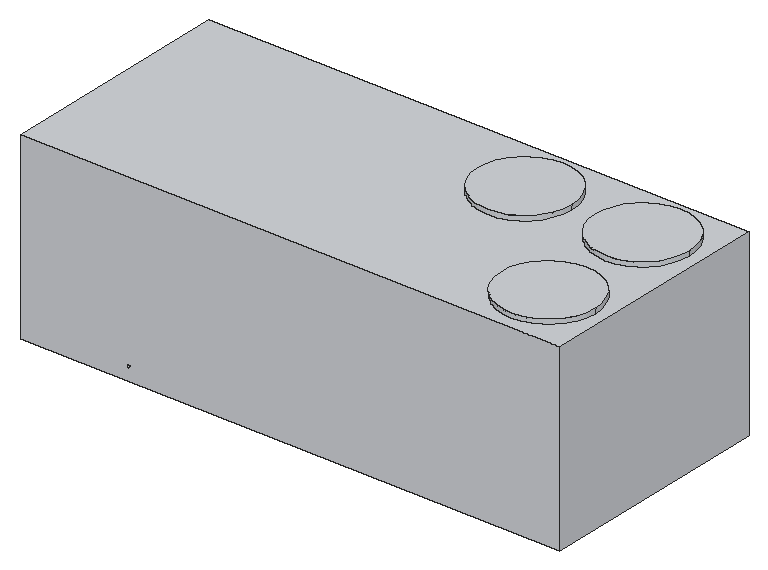
Revit family "M_Unidades AC da cobertura - Elétrico - 97-176 kW", category Equipamento mecânico, Revit 2019
Family settings
  Cota do conector redondo = Usar raio
  Tipo de parte = Normal
  Número OmniClass = 23.75.10.24.21.27.14
  Título OmniClass = Packaged Rooftop Air Conditioning Units
  ID de item do Seek = Rooftop AC Units - Electric - 97-176 kW-0000-CAN-ENU
  Com base no plano de trabalho = Não
  Sempre na vertical = Sim
  Corte com vazios quando carregada = Não
  Compartilhado = Não
  Ponto de cálculo do ambiente = Não
Parameters (values of type "97 kW")
  Voltagem = 480 V
  Visibilidade 2 = no
  Visibilidade 1 = yes
  Largura da unidade = 2301.9 mm
  Material da unidade = none
  Comprimento da unidade = 5284.8 mm
  Altura da unidade = 1789.1 mm
  Largura de saída do ar de fornecimento = 1350 mm
  Altura de saída do ar de fornecimento = 1800 mm
  Largura da saída do ar de retorno = 600 mm
  Altura da saída do ar de retorno = 1950 mm
  Número de pólos = 3
  Classificação de carga = Refrigeração
  Comprimento 2 = 0.5 * Largura da unidade  # 1150.95 mm
  Comprimento 1 = 0.25 * Largura da unidade  # 575.475 mm
  Entrada do aquecimento = 36047.7 W
  Raio do ventilador = Largura da unidade * 0.2  # 460.38 mm
  Raio da drenagem = Diâmetro da drenagem / 2  # 15 mm
  Fluxo da drenagem [instance] = 0.0 L/s
  Diâmetro da drenagem = 30 mm
  Distância = 1308.1 mm
  C3 Deslocamento 2 = 136.5 mm
  C3 Deslocamento 1 = 1066.8 mm
  Carga aparente = 20820.8 VA
  Queda de pressão do ar [instance] = 311.05 Pa
  Fluxo de ar [instance] = 5663.37 L/s
Types (6, lengths in mm): name | Visibilidade 2 | Visibilidade 1 | Comprimento da unidade | Altura da unidade | Entrada do aquecimento | Distância | C3 Deslocamento 2 | C3 Deslocamento 1 | Carga aparente | Queda de pressão do ar | Fluxo de ar
  (no name) | no | yes | 5284.8 | 1789.1 | 36047.7 W | 1308.1 | 136.5 | 1066.8 | 20820.8 VA | 311.05 Pa | 5663.37 L/s
  97 kW | no | yes | 5284.8 | 1789.1 | 36047.7 W | 1308.1 | 136.5 | 1066.8 | 20820.8 VA | 311.05 Pa | 5663.37 L/s
  105 kW | no | yes | 5284.8 | 1789.1 | 53925.1 W | 1308.1 | 136.5 | 1066.8 | 25334.4 VA | 373.26 Pa | 6135.32 L/s
  123 kW | no | yes | 5284.8 | 1789.1 | 72095.5 W | 1308.1 | 136.5 | 1066.8 | 31096 VA | 435.47 Pa | 6843.24 L/s
  141 kW | yes | no | 5902.3 | 1955.8 | 89972.8 W | 1360.5 | 134.9 | 1258.9 | 36337.6 VA | 497.68 Pa | 8023.11 L/s
  176 kW | yes | no | 5902.3 | 1955.8 | 108143.2 W | 1360.5 | 134.9 | 1258.9 | 42120 VA | 559.89 Pa | 9438.95 L/s
Reference planes
  plane 1 "Centro (Frente/Trás)": y = 0
  plane 2: z = 0
  plane 3 "Centro (Esquerda/Direita)": x = 0
  plane 4: y = 2301.9
  plane 5: x = 5284.8
  plane 6: z = 1789.1
  plane 7: y = 2122.512
  plane 8: y = 172.512
  plane 9: x = 180.975
  plane 10: x = 780.975
  plane 11: x = 2089.075
  plane 12: x = 3439.075
  plane 13: y = 322.512
  plane 14: z = 25.4
  plane 15: x = 4709.325
  plane 16: x = 3558.375
  plane 17: y = 1150.95
  plane 18: y = 1726.425
  plane 19: y = 575.475
  plane 20: z = 1833.55
  plane 21: z = 136.5
  plane 22: x = 1066.8
  plane 23: y = 12.7
  plane 24: y = 127
  plane 25: z = 254
  plane 26: x = 5259.4
Forms (mm)
  Extrusion 1, solid, material <- "Material da unidade"
    sketch origin (0, 0, 0) x (1, 0, 0) y (0, 1, 0)
      loop
        line (0, 2301.9) -> (0, 0) -> (5284.8, 0) -> (5284.8, 2301.9) -> (0, 2301.9)
    from 0 to 1789.1
  Extrusion 2, void
    sketch origin (0, 0, 0) x (1, 0, 0) y (0, 1, 0)
      loop
        line (2089.075, 2122.512) -> (2089.075, 322.512) -> (3439.075, 322.512) -> (3439.075, 2122.512) -> (2089.075, 2122.512)
    from 0 to 25.4
  Extrusion 3, void
    sketch origin (0, 0, 0) x (1, 0, 0) y (0, 1, 0)
      loop
        line (180.975, 2122.512) -> (180.975, 172.512) -> (780.975, 172.512) -> (780.975, 2122.512) -> (180.975, 2122.512)
    from 0 to 25.4
  Extrusion 4, solid, material <- "Material da unidade"
    sketch origin (0, 0, 0) x (1, 0, 0) y (0, 1, 0)
      loop
        circle (4709.325, 1726.425) r 460.38
    from 1789.1 to 1833.55
  Extrusion 5, solid, material <- "Material da unidade"
    sketch origin (0, 0, 0) x (1, 0, 0) y (0, 1, 0)
      loop
        circle (3558.375, 1726.425) r 460.38
    from 1789.1 to 1833.55
  Extrusion 6, solid, material <- "Material da unidade"
    sketch origin (0, 0, 0) x (1, 0, 0) y (0, 1, 0)
      loop
        circle (4709.325, 575.475) r 460.38
    from 1789.1 to 1833.55
  Extrusion 7, solid, material <- "Material da unidade", visible <- "Visibilidade 2"
    sketch origin (0, 0, 0) x (1, 0, 0) y (0, 1, 0)
      loop
        circle (3558.375, 575.475) r 460.38
    from 1789.1 to 1833.55
  Extrusion 8, void
    sketch origin (0, 0, 0) x (1, 0, 0) y (0, 0, 1)
      loop
        circle (1066.8, 136.5) r 15
    from -12.7 to 0
  Extrusion 9, solid, material <- "Material da unidade"
    sketch origin (0, 0, 0) x (0, 1, 0) y (0, 0, 1)
      loop
        circle (127, 254) r 25.4
    from 5284.8 to 5259.4
Cuts and joins
  Extrusion 2, Extrusion 3, Extrusion 8 cuts Extrusion 1
  joined: Extrusion 1, Extrusion 9
Dimensions and locks
  "Comprimento da unidade": plane 3 "Centro (Esquerda/Direita)" to plane 5
  "Largura da unidade": plane 4 to plane 1 "Centro (Frente/Trás)"
  "Altura da unidade": plane 6 to level
  locked: plane 4 to plane 7 at 179.388
  "Altura da saída do ar de retorno": plane 7 to plane 8
  locked: plane 3 "Centro (Esquerda/Direita)" to plane 9 at 180.975
  "Largura da saída do ar de retorno": plane 9 to plane 10
  "Distância": plane 10 to plane 11
  "Largura de saída do ar de fornecimento": plane 11 to plane 12
  "Altura de saída do ar de fornecimento": plane 7 to plane 13
  locked: plane 14 to level at 25.4
  "Comprimento 1": plane 15 to plane 5
  "Comprimento 2": plane 16 to plane 15
  equal spacing: plane 4, plane 18, plane 17, plane 19, plane 1 "Centro (Frente/Trás)"
  locked: plane 20 to plane 6 at 44.45
  "C3 Deslocamento 1": plane 22 to plane 3 "Centro (Esquerda/Direita)"
  "C3 Deslocamento 2": plane 21 to level
  locked: plane 23 to plane 1 "Centro (Frente/Trás)" at 12.7
  locked: plane 25 to level at 254
  locked: plane 1 "Centro (Frente/Trás)" to plane 24 at 127
  locked: plane 26 to plane 5 at 25.4
  "Raio do ventilador": radius of Extrusion 4 sketch curve
  "Raio do ventilador": radius of Extrusion 5 sketch curve
  "Raio do ventilador": radius of Extrusion 6 sketch curve
  "Raio do ventilador": radius of Extrusion 7 sketch curve
  "Raio da drenagem": radius of Extrusion 8 sketch curve
  aligned and locked: plane 3 "Centro (Esquerda/Direita)" to Extrusion 1 sketch curve
  aligned and locked: Extrusion 1 sketch curve to plane 4
  aligned and locked: plane 1 "Centro (Frente/Trás)" to Extrusion 1 sketch curve
  aligned and locked: Extrusion 1 sketch curve to plane 5
  aligned and locked: plane 6 to Extrusion 1
  aligned and locked: Extrusion 1 to plane 2
  aligned and locked: plane 11 to Extrusion 2 sketch curve
  aligned and locked: Extrusion 2 sketch curve to plane 7
  aligned and locked: plane 13 to Extrusion 2 sketch curve
  aligned and locked: Extrusion 2 sketch curve to plane 12
  aligned and locked: plane 14 to cut or joined group of Extrusion 1, Extrusion 2, Extrusion 3, Extrusion 8, Extrusion 9  (x2)
  aligned and locked: plane 2 to cut or joined group of Extrusion 1, Extrusion 2, Extrusion 3, Extrusion 8, Extrusion 9  (x2)
  aligned and locked: plane 9 to Extrusion 3 sketch curve
  aligned and locked: Extrusion 3 sketch curve to plane 7
  aligned and locked: plane 8 to Extrusion 3 sketch curve
  aligned and locked: Extrusion 3 sketch curve to plane 10
  aligned and locked: plane 15 to Extrusion 4 sketch curve
  aligned and locked: plane 16 to Extrusion 5 sketch curve
  aligned and locked: plane 15 to Extrusion 6 sketch curve
  aligned and locked: plane 18 to Extrusion 4 sketch curve
  aligned and locked: plane 19 to Extrusion 6 sketch curve
  aligned and locked: plane 18 to Extrusion 5 sketch curve
  aligned and locked: plane 19 to Extrusion 7 sketch curve
  aligned and locked: plane 16 to Extrusion 7 sketch curve
  aligned and locked: plane 20 to Extrusion 6
  aligned and locked: plane 20 to Extrusion 7
  aligned and locked: plane 20 to Extrusion 5
  aligned and locked: plane 20 to Extrusion 4
  aligned and locked: Extrusion 6 to plane 6
  aligned and locked: Extrusion 4 to plane 6
  aligned and locked: Extrusion 7 to plane 6
  aligned and locked: Extrusion 5 to plane 6
  aligned and locked: plane 21 to Extrusion 8 sketch curve
  aligned and locked: plane 22 to Extrusion 8 sketch curve
  aligned and locked: Extrusion 8 to plane 23
  aligned and locked: plane 25 to Extrusion 9 sketch curve
  aligned and locked: plane 24 to Extrusion 9 sketch curve
  aligned and locked: plane 5 to Extrusion 9
  aligned and locked: plane 26 to Extrusion 9
  aligned and locked: Extrusion 3 to level
  aligned and locked: level to Extrusion 2
Automatic sketch dimensions
  radius of Extrusion 9 sketch curve = 25.4 mm
Connectors
  hvac at (2764.075, 1222.512, 0), driven by "Fluxo de ar", driven by "Altura de saída do ar de fornecimento", driven by "Largura de saída do ar de fornecimento"
    settings: on cut or joined group of Extrusion 1, Extrusion 2, Extrusion 3, Extrusion 8, Extrusion 9, index 1, duct flow 5663.37 L/s, flow factor 0, pres drop 0.0 Pa, loss coef 0, conn angle 0.00°, conn width 1350 mm, conn height 1800 mm, conn diameter 609.6 mm, duct sys type 1, conn prof type 1, flow config 0, flow direction 2, loss method 0, conn ref index 2, conn util no, is conn primary yes, conn desc ""
  hvac at (480.975, 1147.512, 0), driven by "Fluxo de ar", driven by "Altura da saída do ar de retorno", driven by "Largura da saída do ar de retorno"
    settings: on cut or joined group of Extrusion 1, Extrusion 2, Extrusion 3, Extrusion 8, Extrusion 9, index 2, duct flow 5663.37 L/s, flow factor 0, pres drop 0.0 Pa, loss coef 0, conn angle 0.00°, conn width 600 mm, conn height 1950 mm, conn diameter 609.6 mm, duct sys type 2, conn prof type 1, flow config 0, flow direction 1, loss method 0, conn ref index 1, conn util no, is conn primary no, conn desc ""
  piping at (1066.8, 0, 136.5), diameter 30, driven by "Fluxo da drenagem", driven by "Raio da drenagem"
    settings: on cut or joined group of Extrusion 1, Extrusion 2, Extrusion 3, Extrusion 8, Extrusion 9, index 3, connector inside diameter 30 mm, connector length 0 mm, flow factor 0, pipe flow 0.0 L/s, pressure drop 0.0 Pa, fitting loss kfactor 0, connector angle 0.00°, fixture units 0, engagement length 0 mm, angle of deflection 0.00°, flow configuration 1, flow direction 2, fitting loss method 0, system type 16, joint type 0, gender type 0, connector reference index -1, connector utility 0, adjustable connector yes, is connector primary yes, connector description "Saída da drenagem"
  electrical at (5284.8, 127, 254), driven by "Carga aparente", driven by "Voltagem", driven by "Número de pólos", driven by "Classificação de carga"
    settings: on Extrusion 9, index 4, voltage 480 V, apparent load 20820.8 VA, apparent load phase1 0 VA, apparent load phase2 0 VA, apparent load phase3 0 VA, power factor 0.8, load classification "Refrigeração", number of poles 3, system type 30, power factor state 1, is connector primary yes, connector utility no, sub classification motor no, connector description ""
